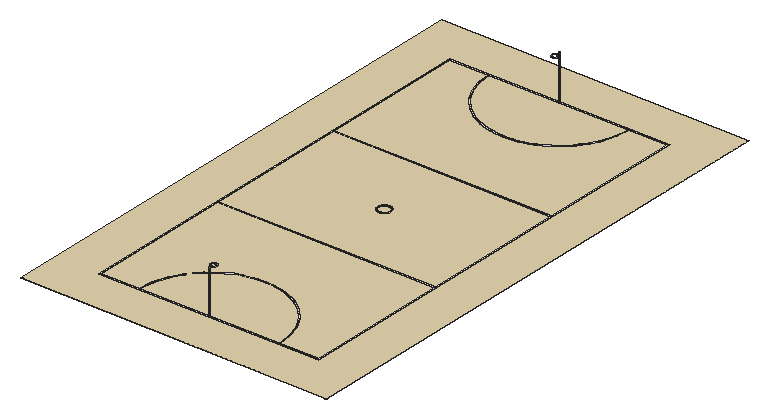
Revit family
Parameters (values of type "Netball Court")
  Width = 15250 mm
  URL = "http://www.netball.asn.au/"
  Type Comments = ""
  Model = "Regulation Netball Australia Court"
  Manufacturer = ""
  Length = 30500 mm
  Description = "Netball Court"
Reference planes
  plane 1 "Center (Front/Back)": y = -38010.545
  plane 2: z = 0
  plane 3 "Center (Left/Right)": x = 0
  plane 4: x = -7625
  plane 5: x = 7625
  plane 6: y = -22760.545
  plane 7: y = -53260.545
Forms (mm)
  Extrusion 1, solid, material "Netball Court"
    sketch origin (0, 0, 0) x (1, 0, 0) y (0, 1, 0)
      loop
        line (-10675, -19710.545) -> (-10675, -56310.545) -> (10675, -56310.545) -> (10675, -19710.545) -> (-10675, -19710.545)
    from 0 to 10
  Extrusion 2, solid, material "Netball Court Lines"
    sketch origin (0, 0, 0) x (1, 0, 0) y (0, 1, 0)
      loop
        line (-7625, -53260.545) -> (7625, -53260.545) -> (7625, -22760.545) -> (-7625, -22760.545) -> (-7625, -53260.545)
      loop
        line (-7575, -53210.545) -> (7575, -53210.545) -> (7575, -22810.545) -> (-7575, -22810.545) -> (-7575, -53210.545)
    from 10 to 15
  Extrusion 3, solid, material "Netball Court Lines"
    sketch origin (0, 0, 0) x (1, 0, 0) y (0, 1, 0)
      loop
        circle (0, -38010.545) r 450
      loop
        circle (0, -38010.545) r 400
    from 10 to 15
  Extrusion 4, solid, material "Netball Court Lines"
    sketch origin (0, 0, 0) x (1, 0, 0) y (0, 1, 0)
      loop
        line (-7575, -43010.545) -> (-7575, -43060.545) -> (7575, -43060.545) -> (7575, -43010.545) -> (-7575, -43010.545)
      loop
        line (-7575, -33010.545) -> (7575, -33010.545) -> (7575, -32960.545) -> (-7575, -32960.545) -> (-7575, -33010.545)
    from 10 to 15
  Extrusion 5, solid, material "Netball Court Lines"
    sketch origin (0, 0, 0) x (1, 0, 0) y (0, 1, 0)
      loop
        arc (4900, -53210.545) -> (0, -48310.545) -> (-4900, -53210.545) r 4900
        line (-4900, -53210.545) -> (-4850, -53210.545)
        arc (-4850, -53210.545) -> (0, -48360.545) -> (4850, -53210.545) r 4850
        line (4850, -53210.545) -> (4900, -53210.545)
      loop
        line (4900, -22810.545) -> (4850, -22810.545)
        arc (4850, -22810.545) -> (0, -27660.545) -> (-4850, -22810.545) r 4850
        line (-4850, -22810.545) -> (-4900, -22810.545)
        arc (-4900, -22810.545) -> (0, -27710.545) -> (4900, -22810.545) r 4900
    from 10 to 15
  Extrusion 6, solid, material "Netball Goals"
    sketch origin (0, -17.5, 0) x (1, 0, 0) y (0, 1, 0)
      loop
        circle (0, -53210.545) r 32.5
    from 0 to 3100
  Sweep 7, solid, material "Netball Goals"
    path origin (0, 0, 3050) x (1, 0, 0) y (0, 1, 0)
      loop
        circle (0, -52840.545) r 205
    profile origin (0, -52635.545, 3050) x (0, -1, 0) y (0, 0, 1)
      loop
        circle (0, 0) r 7.46
  Sweep 8, solid, material "Netball Goals"
    path origin (0, 0, 3050) x (1, 0, 0) y (0, 1, 0)
      loop
        line (0, -53195.545) -> (0, -53045.545)
    profile origin (0, -53120.545, 3050) x (-1, 0, 0) y (0, 0, 1)
      loop
        circle (0, 0) r 7.001
  Extrusion 9, solid, material "Netball Goals"
    sketch origin (0, -76003.589, 0) x (1, 0, 0) y (0, 1, 0)
      loop
        circle (0, 53210.545) r 32.5
    from 0 to 3100
  Sweep 10, solid, material "Netball Goals"
    path origin (0, -76021.089, 3050) x (1, 0, 0) y (0, 1, 0)
      loop
        circle (0, 52840.545) r 205
    profile origin (0, 5864.455, 3050) x (0, 1, 0) y (0, 0, 1)
      loop
        circle (-29250, 0) r 7.46
  Sweep 11, solid, material "Netball Goals"
    path origin (0, -76021.089, 3050) x (1, 0, 0) y (0, 1, 0)
      loop
        line (0, 53195.545) -> (0, 53045.545)
    profile origin (0, -22900.545, 3050) x (-1, 0, 0) y (0, 0, -1)
      loop
        circle (0, 0) r 7.001
Dimensions and locks
  equal spacing: plane 7, plane 1 "Center (Front/Back)", plane 6
  equal spacing: plane 4, plane 3 "Center (Left/Right)", plane 5
  "Width": plane 4 to plane 5
  "Length": plane 7 to plane 6
Automatic sketch dimensions
  plane 4 to Extrusion 1 sketch curve = 3050 mm
  Extrusion 1 sketch curve to plane 5 = 3050 mm
  plane 7 to Extrusion 1 sketch curve = 3050 mm
  Extrusion 1 sketch curve to plane 6 = 3050 mm
  Extrusion 2 sketch curve to plane 4 = 0 mm
  Extrusion 2 sketch curve to plane 5 = 0 mm
  Extrusion 2 sketch curve to plane 7 = 0 mm
  Extrusion 2 sketch curve to plane 6 = 0 mm
  Extrusion 2 sketch curve to plane 4 = 50 mm
  plane 5 to Extrusion 2 sketch curve = 50 mm
  Extrusion 2 sketch curve to plane 7 = 50 mm
  plane 6 to Extrusion 2 sketch curve = 50 mm
  Extrusion 3 sketch curve to Extrusion 3 sketch curve = 0 mm  (x2)
  Extrusion 3 sketch curve to plane 1 "Center (Front/Back)" = 0 mm
  Extrusion 3 sketch curve to plane 3 "Center (Left/Right)" = 0 mm
  Extrusion 4 sketch curve to plane 4 = 50 mm  (x2)
  plane 5 to Extrusion 4 sketch curve = 50 mm  (x2)
  plane 1 "Center (Front/Back)" to Extrusion 4 sketch curve = 5050 mm
  Extrusion 4 sketch curve to Extrusion 4 sketch curve = 50 mm  (x2)
  Extrusion 4 sketch curve to plane 1 "Center (Front/Back)" = 5000 mm
  Extrusion 5 sketch curve to Extrusion 5 sketch curve = 0 mm  (x3)
  Extrusion 5 sketch curve to plane 3 "Center (Left/Right)" = 0 mm  (x2)
  Extrusion 5 sketch curve to plane 7 = 50 mm
  Extrusion 5 sketch curve to plane 4 = 2775 mm
  Extrusion 5 sketch curve to Extrusion 5 sketch curve = 50 mm  (x2)
  plane 6 to Extrusion 5 sketch curve = 50 mm
  Extrusion 5 sketch curve to plane 4 = 2725 mm
  Extrusion 6 sketch curve to plane 3 "Center (Left/Right)" = 0 mm
  Extrusion 6 sketch curve to plane 7 = 32.5 mm
  Sweep 7 sketch curve to profile plane = 0 mm  (x2)
  Sweep 7 sketch curve to plane 3 "Center (Left/Right)" = 0 mm
  Sweep 7 sketch curve to plane 7 = 420 mm
  Sweep 8 sketch curve to plane 3 "Center (Left/Right)" = 0 mm
  Sweep 8 sketch curve to plane 7 = 65 mm
  Sweep 8 sketch curve to Sweep 8 sketch curve = 150 mm
  Sweep 8 sketch curve to profile plane = 0 mm  (x2)
  Extrusion 9 sketch curve to plane 3 "Center (Left/Right)" = 0 mm
  plane 6 to Extrusion 9 sketch curve = 32.5 mm
  Sweep 10 sketch curve to plane 3 "Center (Left/Right)" = 0 mm
  plane 6 to Sweep 10 sketch curve = 420 mm
  Sweep 10 sketch curve to profile plane = 0 mm  (x2)
  Sweep 11 sketch curve to plane 3 "Center (Left/Right)" = 0 mm
  plane 6 to Sweep 11 sketch curve = 215 mm
  plane 6 to Sweep 11 sketch curve = 65 mm
  Sweep 11 sketch curve to profile plane = 0 mm  (x2)
  radius of Extrusion 3 sketch curve = 450 mm
  radius of Extrusion 3 sketch curve = 400 mm
  radius of Extrusion 6 sketch curve = 32.5 mm
  radius of Sweep 7 sketch curve = 7.46 mm
  radius of Sweep 7 sketch curve = 205 mm
  radius of Sweep 8 sketch curve = 7.001 mm
  radius of Extrusion 9 sketch curve = 32.5 mm
  radius of Sweep 10 sketch curve = 205 mm
  radius of Sweep 10 sketch curve = 7.46 mm
  radius of Sweep 11 sketch curve = 7.001 mm
